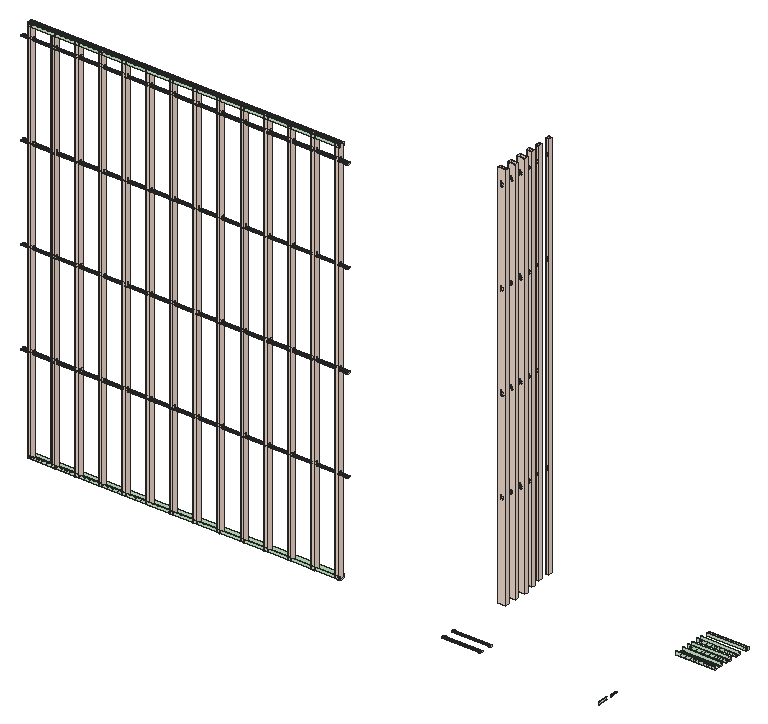
Revit family "SQ-PowerBar.", category 一般モデル, Revit 2020
Family settings
  鉄筋をホスト可能 = いいえ
  丸型コネクタ寸法 = 直径を使用
  パーツ タイプ = 標準
  作業面ベース = いいえ
  常に垂直 = はい
  ロード時にボイドで切り取り = いいえ
  共有 = いいえ
  部屋計算ポイント = いいえ
Parameters
  製造元 = "株式会社桐井製作所"
  既定の高さ = 0 mm
  URL = "https://www.kirii.co.jp/"
  K_名称 = "SQ-PowerBar工法"
  K_バージョン情報 = "20250901"
Reference planes
  plane 1 "中心(正面/背面)": y = 0
  plane 2: z = 0
  plane 3 "中心(左/右)": x = 0
Lines and regions (mm)
  model lines
    curve 1: line (2053.885, 1766.972, 3.706) -> (3803.885, 1766.972, 3.706)
    curve 2: line (2053.885, 1766.972, 0) -> (2053.885, 442.323, 0)
    curve 3: line (3803.885, 1766.972, 0) -> (3803.885, 442.323, 0)
    curve 4: line (4103.885, 1766.972, 0) -> (4103.885, 442.323, 0)
    curve 5: line (4103.885, 442.323, 3.706) -> (5853.885, 442.323, 3.706)
    curve 6: line (5853.885, 1766.972, 0) -> (5853.885, 406.972, 0)
    curve 7: line (4103.885, 1766.972, 3.706) -> (5853.885, 1766.972, 3.706)
    curve 8: line (2053.885, 442.323, 3.706) -> (3803.885, 442.323, 3.706)
    curve 9: line (2053.885, 242.323, 3.706) -> (3803.885, 242.323, 3.706)
    curve 10: line (2053.885, 242.323, 0) -> (2053.885, -1037.677, 0)
    curve 11: line (2053.885, -1037.677, 3.706) -> (3803.885, -1037.677, 3.706)
    curve 12: line (3803.885, 242.323, 0) -> (3803.885, -1037.677, 0)
    curve 13: line (4103.885, 242.323, 3.706) -> (5853.885, 242.323, 3.706)
    curve 14: line (4103.885, 242.323, 0) -> (4103.885, -1037.677, 0)
    curve 15: line (4103.885, -1037.677, 3.706) -> (5853.885, -1037.677, 3.706)
    curve 16: line (5853.885, 242.323, 0) -> (5853.885, -1037.677, 0)
Text (mm)
  text "JIS19型" at (-1841.604, 2062.91, 5447.439), in view "ビュー 1"
  text "スタッド" at (2194.065, 1638.272, -53.41), in view "{3D}"
  text "・SQ-PowerBar4045" at (2294.392, 1425.581, -53.41), in view "{3D}"
  text "・SQ-PowerBar4565" at (2294.392, 1113.599, -53.41), in view "{3D}"
  text "・SQ-PowerBar45100(t0.45)" at (2294.392, 963.599, -53.41), in view "{3D}"
  text "・SQ-PowerBar45100(t1.0)" at (2294.392, 815.581, -53.41), in view "{3D}"
  text "・SQ-PowerBar45100(t1.2)" at (2294.392, 663.599, -53.41), in view "{3D}"
  text "ランナー" at (4244.065, 1638.272, -53.41), in view "{3D}"
  text "SQ-PowerBar工法" at (-2610.049, 1856.504, -53.41), in view "{3D}"
  text "・45ランナー" at (4344.392, 1433.41, -53.41), in view "{3D}"
  text "・50ランナー" at (4344.392, 1281.428, -53.41), in view "{3D}"
  text "・65ランナー" at (4344.392, 1131.428, -53.41), in view "{3D}"
  text "・100ランナー" at (4344.392, 981.428, -53.41), in view "{3D}"
  text "振れ止め" at (2194.065, 113.623, -53.41), in view "{3D}"
  text "・SQチャンネル(C-19)" at (2294.392, -99.068, -53.41), in view "{3D}"
  text "・SQチャンネル(C-38)" at (2294.392, -251.05, -53.41), in view "{3D}"
  text "その他SQ関連部材" at (4244.065, 113.623, -53.41), in view "{3D}"
  text "・SQ-C19ジョイント" at (4344.392, -99.068, -53.41), in view "{3D}"
  text "・SQ-C38ジョイント" at (4344.392, -249.068, -53.41), in view "{3D}"
  text "振れ止めの設置により壁下地材の一体性を向上させた角型鋼製下地工法です。" at (-2610.049, 1706.504, -53.41), in view "{3D}"
  text "・SQ-PowerBar4050" at (2294.392, 1265.581, -53.41), in view "{3D}"
Dimensions and locks
  aligned and locked: level to plane 2
Nested families
  nested 1: "runner_wr65" at (-2546.115, 0, 0), type "runner_wr65"
    with K_長さ(mm) 4000 mm, K_JIS外 no, K_JIS yes
  nested 2: "SQ-PowerBar4050" at (2998.822, 1223.972, 0), type "SQ-PowerBar4050"
    with 振れ止め本数 4, K_長さ(mm) 5000 mm
  nested 3: "SQ-PowerBar4565" at (3012.041, 1076.599, 0), type "SQ-PowerBar4565"
    with 振れ止め本数 4, K_長さ(mm) 5000 mm
  nested 4: "SQ-PowerBar45100(t0.45) " at (3029.01, 924.153, 0), type "SQ-PowerBar45100(t0.45) "
    with 振れ止め本数 4, K_長さ(mm) 5000 mm
  nested 5: "SQ-PowerBar45100(t1.0)" at (3029.01, 774.46, 0), type "SQ-PowerBar45100(t1.0)"
    with 振れ止め本数 4, K_長さ(mm) 5000 mm
  nested 6: "SQ-PowerBar45100(t1.2)" at (3029.01, 624.285, 0), type "SQ-PowerBar45100(t1.2)"
    with 振れ止め本数 4, K_長さ(mm) 5000 mm
  nested 7: "runner_wr50" at (5032.945, 1250.166, 0), type "runner_wr50"
    with K_長さ(mm) 500 mm, K_JIS外 no, K_JIS yes
  nested 8: "runner_wr65" at (5032.945, 1100.166, 0), type "runner_wr65"
    with K_長さ(mm) 500 mm, K_JIS外 no, K_JIS yes
  nested 9: "runner_wr100" at (5032.945, 936.666, 0), type "runner_wr100"
    with K_長さ(mm) 500 mm, K_JIS外 no, K_JIS yes
  nested 10: "sqrunner_45" at (5032.945, 1394.801, 0), type "sqrunner_45"
    with K_長さ(mm) 500 mm
  nested 11: "SQ-C19ジョイント" at (5053.885, -137.677, 0), type "SQ-C19ジョイント"
  nested 12: "SQチャンネル（C-19）" at (3488.885, -142.677, 0) x (0, 1, 0) z (0, 0, 1), type "SQチャンネル（C-19）"
    with K_長さ(mm) 500 mm
  nested 13: "SQチャンネル（C-38）" at (3488.885, -293.927, 0) x (0, 1, 0) z (0, 0, 1), type "SQチャンネル（C-38）"
    with K_長さ(mm) 500 mm
  nested 14: "SQ-C38ジョイント" at (5053.885, -312.677, 0), type "SQ-C38ジョイント"
  nested 15: "runner_wr65" at (-2546.115, -0.01, 5001.425) x (1, 0, 0) z (0, 0, -1), type "runner_wr65"
    with K_長さ(mm) 4000 mm, K_JIS外 no, K_JIS yes
  nested 16: "SQ-PowerBar4565" at (-2523.615, -0.113, 0) x (0, -1, 0) z (0, 0, 1), type "SQ-PowerBar4565"
    with 振れ止め本数 4, K_長さ(mm) 5000 mm
  nested 17: "SQ-PowerBar4565" at (-2220.615, -0.113, 0) x (0, -1, 0) z (0, 0, 1), type "SQ-PowerBar4565"
    with 振れ止め本数 4, K_長さ(mm) 5000 mm
  nested 18: "SQ-PowerBar4565" at (-1917.615, -0.113, 0) x (0, -1, 0) z (0, 0, 1), type "SQ-PowerBar4565"
    with 振れ止め本数 4, K_長さ(mm) 5000 mm
  nested 19: "SQ-PowerBar4565" at (-1614.615, -0.113, 0) x (0, -1, 0) z (0, 0, 1), type "SQ-PowerBar4565"
    with 振れ止め本数 4, K_長さ(mm) 5000 mm
  nested 20: "SQ-PowerBar4565" at (-1311.615, -0.113, 0) x (0, -1, 0) z (0, 0, 1), type "SQ-PowerBar4565"
    with 振れ止め本数 4, K_長さ(mm) 5000 mm
  nested 21: "SQ-PowerBar4565" at (-1008.615, -0.113, 0) x (0, -1, 0) z (0, 0, 1), type "SQ-PowerBar4565"
    with 振れ止め本数 4, K_長さ(mm) 5000 mm
  nested 22: "SQ-PowerBar4565" at (-705.615, -0.113, 0) x (0, -1, 0) z (0, 0, 1), type "SQ-PowerBar4565"
    with 振れ止め本数 4, K_長さ(mm) 5000 mm
  nested 23: "SQ-PowerBar4565" at (-402.615, -0.113, 0) x (0, -1, 0) z (0, 0, 1), type "SQ-PowerBar4565"
    with 振れ止め本数 4, K_長さ(mm) 5000 mm
  nested 24: "SQ-PowerBar4565" at (-99.615, -0.113, 0) x (0, -1, 0) z (0, 0, 1), type "SQ-PowerBar4565"
    with 振れ止め本数 4, K_長さ(mm) 5000 mm
  nested 25: "SQ-PowerBar4565" at (203.385, -0.113, 0) x (0, -1, 0) z (0, 0, 1), type "SQ-PowerBar4565"
    with 振れ止め本数 4, K_長さ(mm) 5000 mm
  nested 26: "SQ-PowerBar4565" at (506.385, -0.113, 0) x (0, -1, 0) z (0, 0, 1), type "SQ-PowerBar4565"
    with 振れ止め本数 4, K_長さ(mm) 5000 mm
  nested 27: "SQ-PowerBar4565" at (809.385, -0.113, 0) x (0, -1, 0) z (0, 0, 1), type "SQ-PowerBar4565"
    with 振れ止め本数 4, K_長さ(mm) 5000 mm
  nested 28: "SQ-PowerBar4565" at (1112.385, -0.113, 0) x (0, -1, 0) z (0, 0, 1), type "SQ-PowerBar4565"
    with 振れ止め本数 4, K_長さ(mm) 5000 mm
  nested 29: "SQ-PowerBar4565" at (1415.385, -0.113, 0) x (0, -1, 0) z (0, 0, 1), type "SQ-PowerBar4565"
    with 振れ止め本数 4, K_長さ(mm) 5000 mm
  nested 30: "SQチャンネル（C-38）" at (1548.902, -0.109, 1212) x (0, -1, 0) z (0, 0, -1), type "SQチャンネル（C-38）"
    with K_長さ(mm) 4200 mm
  nested 31: "SQチャンネル（C-38）" at (1548.902, -0.109, 2412) x (0, -1, 0) z (0, 0, -1), type "SQチャンネル（C-38）"
    with K_長さ(mm) 4200 mm
  nested 32: "SQチャンネル（C-38）" at (1548.902, -0.109, 3612) x (0, -1, 0) z (0, 0, -1), type "SQチャンネル（C-38）"
    with K_長さ(mm) 4200 mm
  nested 33: "SQチャンネル（C-38）" at (1548.902, -0.109, 4812) x (0, -1, 0) z (0, 0, -1), type "SQチャンネル（C-38）"
    with K_長さ(mm) 4200 mm
  nested 34: "SQ-PowerBar4045" at (2998.822, 1388.962, 0), type "SQ-PowerBar4045"
    with 振れ止め本数 4, K_長さ(mm) 5000 mm
Definition of nested family "runner_wr65"
  Parameters (values of type "runner_wr65")
    Manufacturer = "株式会社桐井製作所"
    Default Elevation = 0 mm
    URL = "https://www.kirii.co.jp/"
    K_長さ(mm) [instance] = 4000 mm
    K_材質 = "SGCCまたはSGHC　一般用"
    K_断面積A(mm2) = 115.5
    K_断面係数Zy(mm3) = 2624
    K_断面係数Zx(mm3) = 678.4
    K_断面2次半径iy(mm) = 27.6
    K_断面2次半径ix(mm) = 13
    K_断面2次モーメントIy(mm4) = 87930
    K_断面2次モーメントIx(mm4) = 19500
    K_外形寸法(mm) = "67×40×0.8"
    K_品名 = "WR-65"
    K_名称 = "ランナー"
    K_単位質量(kg/m) = 0.933
    K_ヤング係数E(N/mm2) = 205000
    K_バージョン情報 = "20210524"
    K_めっき付着量 = "Z12"
    K_JIS規格 = "JIS G 3302"
    K_JIS外 [instance] = not(K_JIS)  # no
    K_JIS [instance] = yes
  Reference planes
    plane 1 "中心(正面/背面)": y = 0
    plane 2: z = 0
    plane 3 "中心(左/右)": x = 0
    plane 4: x = 4000
    plane 5: y = -33.5
    plane 6: y = 33.5
    plane 7: y = 33.5
    plane 8: y = -33.5
    plane 9: z = 40
  Forms (mm)
    Extrusion 1, solid
      sketch origin (0, 0, 0) x (0, 1, 0) y (0, 0, 1)
        loop
          line (13.491, 0) -> (14.31, 0.819) -> (22.71, 0.819) -> (23.529, 0) -> (33.5, 0) -> (33.5, 40) -> (32.7, 40) -> (32.7, 0.8) -> (23.86, 0.8) -> (23.041, 1.619) -> (13.979, 1.619) -> (13.159, 0.8) -> (-13.179, 0.8) -> (-13.979, 1.6) -> (-23.041, 1.6) -> (-23.841, 0.8) -> (-32.7, 0.8) -> (-32.7, 40) -> (-33.5, 40) -> (-33.5, 0) -> (-23.51, 0) -> (-22.71, 0.8) -> (-14.31, 0.8) -> (-13.51, 0) -> (13.491, 0)
      from 0 to 4000
  Dimensions and locks
    "K_長さ(mm)": plane 3 "中心(左/右)" to plane 4
    aligned and locked: level to plane 2
    aligned and locked: plane 4 to Extrusion 1
    aligned and locked: Extrusion 1 sketch curve to plane 6
    aligned and locked: plane 5 to Extrusion 1 sketch curve
    aligned and locked: Extrusion 1 to plane 4
  Automatic sketch dimensions
    Extrusion 1 sketch curve to level = 0 mm  (x3)
    Extrusion 1 sketch curve to Extrusion 1 sketch curve = 0.8 mm  (x5)
    level to Extrusion 1 sketch curve = 0.8 mm  (x4)
    Extrusion 1 sketch curve to Extrusion 1 sketch curve = 8.859 mm
    Extrusion 1 sketch curve to Extrusion 1 sketch curve = 0.331 mm  (x8)
    Extrusion 1 sketch curve to Extrusion 1 sketch curve = 8.4 mm  (x2)
    level to Extrusion 1 sketch curve = 1.6 mm
    Extrusion 1 sketch curve to plane 1 "中心(正面/背面)" = 13.159 mm
    Extrusion 1 sketch curve to Extrusion 1 sketch curve = 0.819 mm  (x2)
    level to Extrusion 1 sketch curve = 0.819 mm
    Extrusion 1 sketch curve to Extrusion 1 sketch curve = 39.2 mm  (x2)
Definition of nested family "SQ-PowerBar4050"
  Parameters (values of type "SQ-PowerBar4050")
    Manufacturer = "株式会社桐井製作所"
    Default Elevation = 0 mm
    振れ止め本数 [instance] = roundup(([K_長さ(mm)] - 1200 mm) * 1 / 振れ止めピッチ) * 1  # 4
    振れ止めピッチ = 1200 mm  # constant formula
    URL = "https://www.kirii.co.jp/"
    K_長さ(mm) [instance] = 5000 mm
    K_外形寸法(mm) = "40×50×0.45"
    K_品名 = "SQ-PowerBar4050"
    K_名称 = "スタッド"
    K_バージョン情報 = "20210714"
  Reference planes
    plane 1 "中心(正面/背面)": y = 0
    plane 2: z = 0
    plane 3 "中心(左/右)": x = 0
    plane 4: x = 20
    plane 5: x = -20
    plane 6: y = 24.99
    plane 7: z = 5000
    plane 8: y = -25.01
    plane 9: z = 1200
  Forms (mm)
    Extrusion 1, solid
      sketch origin (0.5, -20, 0) x (1, 0, 0) y (0, 1, 0)
        loop
          line (-20.5, 44.99) -> (-20.5, -5.01) -> (19.5, -5.01) -> (19.5, 44.99) -> (-20.5, 44.99)
        loop
          line (-20.05, 44.54) -> (-20.05, -4.56) -> (19.05, -4.56) -> (19.05, 44.54) -> (-20.05, 44.54)
      from 0 to 5000
    Extrusion 2, void
      sketch origin (0, 0, -2.498) x (1, 0, 0) y (0, 0, 1)
        loop
          line (9.5, 1214.5) -> (10.689, 1225.606)
          arc (10.689, 1225.606) -> (9.707, 1231.368) -> (5.855, 1235.765) r 10.75
          arc (5.855, 1235.765) -> (5.521, 1236.127) -> (5.4, 1236.604) r 1
          line (5.4, 1236.604) -> (5.4, 1238.5)
          arc (5.4, 1238.5) -> (5.107, 1239.207) -> (4.4, 1239.5) r 1
          line (4.4, 1239.5) -> (-4.4, 1239.5)
          arc (-4.4, 1239.5) -> (-5.107, 1239.207) -> (-5.4, 1238.5) r 1
          line (-5.4, 1238.5) -> (-5.4, 1236.604)
          arc (-5.4, 1236.604) -> (-5.521, 1236.127) -> (-5.855, 1235.765) r 1
          arc (-5.855, 1235.765) -> (-9.707, 1231.368) -> (-10.689, 1225.606) r 10.75
          line (-10.689, 1225.606) -> (-9.5, 1214.5) -> (-9.5, 1211.956) -> (-8.421, 1209.153)
          arc (-8.421, 1209.153) -> (-8.3, 1208.52) -> (-8.407, 1207.885) r 1.817
          line (-8.407, 1207.885) -> (-9.501, 1204.847) -> (-9.501, 1203.499)
          arc (-9.501, 1203.499) -> (-9.208, 1202.791) -> (-8.5, 1202.498) r 1.001
          line (-8.5, 1202.498) -> (-6.417, 1202.498)
          arc (-6.417, 1202.498) -> (-5.841, 1202.309) -> (-5.486, 1201.818) r 0.978
          line (-5.486, 1201.818) -> (-5.359, 1201.002)
          arc (-5.359, 1201.002) -> (-5.072, 1200.31) -> (-4.379, 1200.023) r 0.979
          line (-4.379, 1200.023) -> (4.379, 1200.023)
          arc (4.379, 1200.023) -> (5.072, 1200.31) -> (5.359, 1201.002) r 0.979
          line (5.359, 1201.002) -> (5.486, 1201.818)
          arc (5.486, 1201.818) -> (5.841, 1202.309) -> (6.417, 1202.498) r 0.978
          line (6.417, 1202.498) -> (8.5, 1202.5)
          arc (8.5, 1202.5) -> (9.207, 1202.793) -> (9.5, 1203.5) r 1
          line (9.5, 1203.5) -> (9.5, 1204.849) -> (8.407, 1207.885)
          arc (8.407, 1207.885) -> (8.3, 1208.52) -> (8.421, 1209.153) r 1.817
          line (8.421, 1209.153) -> (9.5, 1211.956) -> (9.5, 1214.5)
      from -24.99 to -23.622
    Extrusion 3, void
      sketch origin (0, 0, 0) x (1, 0, 0) y (0, 0, 1)
        loop
          line (-4.774, 1234.724) -> (-4.8, 1233.869)
          arc (-4.8, 1233.869) -> (-9.43, 1229.41) -> (-10.689, 1223.106) r 10.75
          line (-10.689, 1223.106) -> (-9.5, 1212.003) -> (-9.5, 1209.457) -> (-9.5, 1200.952)
          arc (-9.5, 1200.952) -> (-9.19, 1200.276) -> (-8.5, 1200) r 1.001
          line (-8.5, 1200) -> (-4.8, 1200)
          arc (-4.8, 1200) -> (-4.507, 1199.293) -> (-3.8, 1199) r 1
          line (-3.8, 1199) -> (3.8, 1199)
          arc (3.8, 1199) -> (4.507, 1199.293) -> (4.8, 1200) r 1
          line (4.8, 1200) -> (8.5, 1200.002)
          arc (8.5, 1200.002) -> (9.207, 1200.295) -> (9.5, 1201) r 1
          line (9.5, 1201) -> (9.5, 1210) -> (9.5, 1212) -> (10.689, 1223.106)
          arc (10.689, 1223.106) -> (9.431, 1229.41) -> (4.8, 1233.869) r 10.75
          line (4.8, 1233.869) -> (4.774, 1234.724)
          arc (4.774, 1234.724) -> (4.423, 1235.282) -> (3.8, 1235.5) r 1
          line (3.8, 1235.5) -> (-3.8, 1235.5)
          arc (-3.8, 1235.5) -> (-4.423, 1235.282) -> (-4.774, 1234.724) r 1
      from 23.953 to 25.01
    Extrusion 4, void
      sketch origin (0, 0, 1200) x (1, 0, 0) y (0, 0, 1)
        loop
          line (-4.774, 1234.724) -> (-4.8, 1233.869)
          arc (-4.8, 1233.869) -> (-9.43, 1229.41) -> (-10.689, 1223.106) r 10.75
          line (-10.689, 1223.106) -> (-9.5, 1212.003) -> (-9.5, 1209.457) -> (-9.5, 1200.952)
          arc (-9.5, 1200.952) -> (-9.19, 1200.276) -> (-8.5, 1200) r 1.001
          line (-8.5, 1200) -> (-4.8, 1200)
          arc (-4.8, 1200) -> (-4.507, 1199.293) -> (-3.8, 1199) r 1
          line (-3.8, 1199) -> (3.8, 1199)
          arc (3.8, 1199) -> (4.507, 1199.293) -> (4.8, 1200) r 1
          line (4.8, 1200) -> (8.5, 1200.002)
          arc (8.5, 1200.002) -> (9.207, 1200.295) -> (9.5, 1201) r 1
          line (9.5, 1201) -> (9.5, 1210) -> (9.5, 1212) -> (10.689, 1223.106)
          arc (10.689, 1223.106) -> (9.431, 1229.41) -> (4.8, 1233.869) r 10.75
          line (4.8, 1233.869) -> (4.774, 1234.724)
          arc (4.774, 1234.724) -> (4.423, 1235.282) -> (3.8, 1235.5) r 1
          line (3.8, 1235.5) -> (-3.8, 1235.5)
          arc (-3.8, 1235.5) -> (-4.423, 1235.282) -> (-4.774, 1234.724) r 1
      from 23.953 to 25.01
    Extrusion 5, void
      sketch origin (0, 0, 2400) x (1, 0, 0) y (0, 0, 1)
        loop
          line (-4.774, 1234.724) -> (-4.8, 1233.869)
          arc (-4.8, 1233.869) -> (-9.43, 1229.41) -> (-10.689, 1223.106) r 10.75
          line (-10.689, 1223.106) -> (-9.5, 1212.003) -> (-9.5, 1209.457) -> (-9.5, 1200.952)
          arc (-9.5, 1200.952) -> (-9.19, 1200.276) -> (-8.5, 1200) r 1.001
          line (-8.5, 1200) -> (-4.8, 1200)
          arc (-4.8, 1200) -> (-4.507, 1199.293) -> (-3.8, 1199) r 1
          line (-3.8, 1199) -> (3.8, 1199)
          arc (3.8, 1199) -> (4.507, 1199.293) -> (4.8, 1200) r 1
          line (4.8, 1200) -> (8.5, 1200.002)
          arc (8.5, 1200.002) -> (9.207, 1200.295) -> (9.5, 1201) r 1
          line (9.5, 1201) -> (9.5, 1210) -> (9.5, 1212) -> (10.689, 1223.106)
          arc (10.689, 1223.106) -> (9.431, 1229.41) -> (4.8, 1233.869) r 10.75
          line (4.8, 1233.869) -> (4.774, 1234.724)
          arc (4.774, 1234.724) -> (4.423, 1235.282) -> (3.8, 1235.5) r 1
          line (3.8, 1235.5) -> (-3.8, 1235.5)
          arc (-3.8, 1235.5) -> (-4.423, 1235.282) -> (-4.774, 1234.724) r 1
      from 23.953 to 25.01
    Extrusion 6, void
      sketch origin (0, 0, 3600) x (1, 0, 0) y (0, 0, 1)
        loop
          line (-4.774, 1234.724) -> (-4.8, 1233.869)
          arc (-4.8, 1233.869) -> (-9.43, 1229.41) -> (-10.689, 1223.106) r 10.75
          line (-10.689, 1223.106) -> (-9.5, 1212.003) -> (-9.5, 1209.457) -> (-9.5, 1200.952)
          arc (-9.5, 1200.952) -> (-9.19, 1200.276) -> (-8.5, 1200) r 1.001
          line (-8.5, 1200) -> (-4.8, 1200)
          arc (-4.8, 1200) -> (-4.507, 1199.293) -> (-3.8, 1199) r 1
          line (-3.8, 1199) -> (3.8, 1199)
          arc (3.8, 1199) -> (4.507, 1199.293) -> (4.8, 1200) r 1
          line (4.8, 1200) -> (8.5, 1200.002)
          arc (8.5, 1200.002) -> (9.207, 1200.295) -> (9.5, 1201) r 1
          line (9.5, 1201) -> (9.5, 1210) -> (9.5, 1212) -> (10.689, 1223.106)
          arc (10.689, 1223.106) -> (9.431, 1229.41) -> (4.8, 1233.869) r 10.75
          line (4.8, 1233.869) -> (4.774, 1234.724)
          arc (4.774, 1234.724) -> (4.423, 1235.282) -> (3.8, 1235.5) r 1
          line (3.8, 1235.5) -> (-3.8, 1235.5)
          arc (-3.8, 1235.5) -> (-4.423, 1235.282) -> (-4.774, 1234.724) r 1
      from 23.953 to 25.01
    Extrusion 7, void
      sketch origin (0, 0, 1197.502) x (1, 0, 0) y (0, 0, 1)
        loop
          line (9.5, 1214.5) -> (10.689, 1225.606)
          arc (10.689, 1225.606) -> (9.707, 1231.368) -> (5.855, 1235.765) r 10.75
          arc (5.855, 1235.765) -> (5.521, 1236.127) -> (5.4, 1236.604) r 1
          line (5.4, 1236.604) -> (5.4, 1238.5)
          arc (5.4, 1238.5) -> (5.107, 1239.207) -> (4.4, 1239.5) r 1
          line (4.4, 1239.5) -> (-4.4, 1239.5)
          arc (-4.4, 1239.5) -> (-5.107, 1239.207) -> (-5.4, 1238.5) r 1
          line (-5.4, 1238.5) -> (-5.4, 1236.604)
          arc (-5.4, 1236.604) -> (-5.521, 1236.127) -> (-5.855, 1235.765) r 1
          arc (-5.855, 1235.765) -> (-9.707, 1231.368) -> (-10.689, 1225.606) r 10.75
          line (-10.689, 1225.606) -> (-9.5, 1214.5) -> (-9.5, 1211.956) -> (-8.421, 1209.153)
          arc (-8.421, 1209.153) -> (-8.3, 1208.52) -> (-8.407, 1207.885) r 1.817
          line (-8.407, 1207.885) -> (-9.501, 1204.847) -> (-9.501, 1203.499)
          arc (-9.501, 1203.499) -> (-9.208, 1202.791) -> (-8.5, 1202.498) r 1.001
          line (-8.5, 1202.498) -> (-6.417, 1202.498)
          arc (-6.417, 1202.498) -> (-5.841, 1202.309) -> (-5.486, 1201.818) r 0.978
          line (-5.486, 1201.818) -> (-5.359, 1201.002)
          arc (-5.359, 1201.002) -> (-5.072, 1200.31) -> (-4.379, 1200.023) r 0.979
          line (-4.379, 1200.023) -> (4.379, 1200.023)
          arc (4.379, 1200.023) -> (5.072, 1200.31) -> (5.359, 1201.002) r 0.979
          line (5.359, 1201.002) -> (5.486, 1201.818)
          arc (5.486, 1201.818) -> (5.841, 1202.309) -> (6.417, 1202.498) r 0.978
          line (6.417, 1202.498) -> (8.5, 1202.5)
          arc (8.5, 1202.5) -> (9.207, 1202.793) -> (9.5, 1203.5) r 1
          line (9.5, 1203.5) -> (9.5, 1204.849) -> (8.407, 1207.885)
          arc (8.407, 1207.885) -> (8.3, 1208.52) -> (8.421, 1209.153) r 1.817
          line (8.421, 1209.153) -> (9.5, 1211.956) -> (9.5, 1214.5)
      from -24.99 to -23.622
    Extrusion 8, void
      sketch origin (0, 0, 2397.502) x (1, 0, 0) y (0, 0, 1)
        loop
          line (9.5, 1214.5) -> (10.689, 1225.606)
          arc (10.689, 1225.606) -> (9.707, 1231.368) -> (5.855, 1235.765) r 10.75
          arc (5.855, 1235.765) -> (5.521, 1236.127) -> (5.4, 1236.604) r 1
          line (5.4, 1236.604) -> (5.4, 1238.5)
          arc (5.4, 1238.5) -> (5.107, 1239.207) -> (4.4, 1239.5) r 1
          line (4.4, 1239.5) -> (-4.4, 1239.5)
          arc (-4.4, 1239.5) -> (-5.107, 1239.207) -> (-5.4, 1238.5) r 1
          line (-5.4, 1238.5) -> (-5.4, 1236.604)
          arc (-5.4, 1236.604) -> (-5.521, 1236.127) -> (-5.855, 1235.765) r 1
          arc (-5.855, 1235.765) -> (-9.707, 1231.368) -> (-10.689, 1225.606) r 10.75
          line (-10.689, 1225.606) -> (-9.5, 1214.5) -> (-9.5, 1211.956) -> (-8.421, 1209.153)
          arc (-8.421, 1209.153) -> (-8.3, 1208.52) -> (-8.407, 1207.885) r 1.817
          line (-8.407, 1207.885) -> (-9.501, 1204.847) -> (-9.501, 1203.499)
          arc (-9.501, 1203.499) -> (-9.208, 1202.791) -> (-8.5, 1202.498) r 1.001
          line (-8.5, 1202.498) -> (-6.417, 1202.498)
          arc (-6.417, 1202.498) -> (-5.841, 1202.309) -> (-5.486, 1201.818) r 0.978
          line (-5.486, 1201.818) -> (-5.359, 1201.002)
          arc (-5.359, 1201.002) -> (-5.072, 1200.31) -> (-4.379, 1200.023) r 0.979
          line (-4.379, 1200.023) -> (4.379, 1200.023)
          arc (4.379, 1200.023) -> (5.072, 1200.31) -> (5.359, 1201.002) r 0.979
          line (5.359, 1201.002) -> (5.486, 1201.818)
          arc (5.486, 1201.818) -> (5.841, 1202.309) -> (6.417, 1202.498) r 0.978
          line (6.417, 1202.498) -> (8.5, 1202.5)
          arc (8.5, 1202.5) -> (9.207, 1202.793) -> (9.5, 1203.5) r 1
          line (9.5, 1203.5) -> (9.5, 1204.849) -> (8.407, 1207.885)
          arc (8.407, 1207.885) -> (8.3, 1208.52) -> (8.421, 1209.153) r 1.817
          line (8.421, 1209.153) -> (9.5, 1211.956) -> (9.5, 1214.5)
      from -24.99 to -23.622
    Extrusion 9, void
      sketch origin (0, 0, 3597.502) x (1, 0, 0) y (0, 0, 1)
        loop
          line (9.5, 1214.5) -> (10.689, 1225.606)
          arc (10.689, 1225.606) -> (9.707, 1231.368) -> (5.855, 1235.765) r 10.75
          arc (5.855, 1235.765) -> (5.521, 1236.127) -> (5.4, 1236.604) r 1
          line (5.4, 1236.604) -> (5.4, 1238.5)
          arc (5.4, 1238.5) -> (5.107, 1239.207) -> (4.4, 1239.5) r 1
          line (4.4, 1239.5) -> (-4.4, 1239.5)
          arc (-4.4, 1239.5) -> (-5.107, 1239.207) -> (-5.4, 1238.5) r 1
          line (-5.4, 1238.5) -> (-5.4, 1236.604)
          arc (-5.4, 1236.604) -> (-5.521, 1236.127) -> (-5.855, 1235.765) r 1
          arc (-5.855, 1235.765) -> (-9.707, 1231.368) -> (-10.689, 1225.606) r 10.75
          line (-10.689, 1225.606) -> (-9.5, 1214.5) -> (-9.5, 1211.956) -> (-8.421, 1209.153)
          arc (-8.421, 1209.153) -> (-8.3, 1208.52) -> (-8.407, 1207.885) r 1.817
          line (-8.407, 1207.885) -> (-9.501, 1204.847) -> (-9.501, 1203.499)
          arc (-9.501, 1203.499) -> (-9.208, 1202.791) -> (-8.5, 1202.498) r 1.001
          line (-8.5, 1202.498) -> (-6.417, 1202.498)
          arc (-6.417, 1202.498) -> (-5.841, 1202.309) -> (-5.486, 1201.818) r 0.978
          line (-5.486, 1201.818) -> (-5.359, 1201.002)
          arc (-5.359, 1201.002) -> (-5.072, 1200.31) -> (-4.379, 1200.023) r 0.979
          line (-4.379, 1200.023) -> (4.379, 1200.023)
          arc (4.379, 1200.023) -> (5.072, 1200.31) -> (5.359, 1201.002) r 0.979
          line (5.359, 1201.002) -> (5.486, 1201.818)
          arc (5.486, 1201.818) -> (5.841, 1202.309) -> (6.417, 1202.498) r 0.978
          line (6.417, 1202.498) -> (8.5, 1202.5)
          arc (8.5, 1202.5) -> (9.207, 1202.793) -> (9.5, 1203.5) r 1
          line (9.5, 1203.5) -> (9.5, 1204.849) -> (8.407, 1207.885)
          arc (8.407, 1207.885) -> (8.3, 1208.52) -> (8.421, 1209.153) r 1.817
          line (8.421, 1209.153) -> (9.5, 1211.956) -> (9.5, 1214.5)
      from -24.99 to -23.622
  Cuts and joins
    Extrusion 2, Extrusion 3, Extrusion 4, Extrusion 5, Extrusion 6, Extrusion 7, Extrusion 8, Extrusion 9 cuts Extrusion 1
  Dimensions and locks
    "K_長さ(mm)": plane 7 to level
    equal spacing: group 1, group 2, group 3, group 4  (x3)
    "振れ止めピッチ": plane 2 to plane 9
    equal spacing: group 5, group 6, group 7, group 8  (x3)
    aligned and locked: level to plane 2
    aligned and locked: plane 7 to Extrusion 1
    aligned and locked: plane 9 to cut or joined group 1 (Extrusion 1, Extrusion 2, Extrusion 3, Extrusion 4, Extrusion 5, Extrusion 6, Extrusion 7, Extrusion 8, Extrusion 9)
    aligned and locked: cut or joined group 1 to plane 9
  Automatic sketch dimensions
    Extrusion 2 sketch curve to Extrusion 2 sketch curve = 1.188 mm
    Extrusion 2 sketch curve to Extrusion 2 sketch curve = 0.001 mm
    Extrusion 2 sketch curve to Extrusion 2 sketch curve = 1.001 mm
    Extrusion 2 sketch curve to Extrusion 2 sketch curve = 2.082 mm
    Extrusion 2 sketch curve to Extrusion 2 sketch curve = 4.289 mm
    Extrusion 2 sketch curve to Extrusion 2 sketch curve = 0.931 mm  (x2)
    Extrusion 2 sketch curve to Extrusion 2 sketch curve = 1 mm  (x6)
    Extrusion 2 sketch curve to Extrusion 2 sketch curve = 0.127 mm  (x2)
    Extrusion 2 sketch curve to Extrusion 2 sketch curve = 0.979 mm
    Extrusion 2 sketch curve to Extrusion 2 sketch curve = 10.689 mm  (x2)
    Extrusion 2 sketch curve to Extrusion 2 sketch curve = 8.759 mm
    Extrusion 2 sketch curve to Extrusion 2 sketch curve = 8.8 mm
    Extrusion 2 sketch curve to Extrusion 2 sketch curve = 2.083 mm
    Extrusion 2 sketch curve to Extrusion 2 sketch curve = 0 mm  (x5)
    Extrusion 2 sketch curve to Extrusion 2 sketch curve = 0.518 mm  (x2)
    Extrusion 2 sketch curve to Extrusion 2 sketch curve = 0.816 mm  (x2)
    Extrusion 2 sketch curve to Extrusion 2 sketch curve = 0.002 mm
    Extrusion 2 sketch curve to Extrusion 2 sketch curve = 8.457 mm
    Extrusion 2 sketch curve to Extrusion 2 sketch curve = 8.456 mm
    Extrusion 2 sketch curve to Extrusion 2 sketch curve = 2.544 mm  (x2)
    Extrusion 2 sketch curve to Extrusion 2 sketch curve = 11.106 mm  (x2)
    Extrusion 2 sketch curve to Extrusion 2 sketch curve = 1.144 mm
    Extrusion 2 sketch curve to Extrusion 2 sketch curve = 9.854 mm  (x2)
    Extrusion 2 sketch curve to Extrusion 2 sketch curve = 1.896 mm
    Extrusion 2 sketch curve to Extrusion 2 sketch curve = 1.079 mm
    Extrusion 2 sketch curve to Extrusion 2 sketch curve = 0.014 mm  (x2)
    Extrusion 2 sketch curve to Extrusion 2 sketch curve = 0.017 mm
    Extrusion 2 sketch curve to Extrusion 2 sketch curve = 1.093 mm
    Extrusion 2 sketch curve to Extrusion 2 sketch curve = 1.348 mm
    Extrusion 2 sketch curve to Extrusion 2 sketch curve = 1.349 mm
    Extrusion 2 sketch curve to Extrusion 2 sketch curve = 3.036 mm
    Extrusion 2 sketch curve to Extrusion 2 sketch curve = 3.038 mm
    Extrusion 2 sketch curve to Extrusion 2 sketch curve = 1.268 mm  (x2)
    Extrusion 2 sketch curve to Extrusion 2 sketch curve = 1.695 mm
    Extrusion 2 sketch curve to Extrusion 2 sketch curve = 1.709 mm
    Extrusion 3 sketch curve to Extrusion 3 sketch curve = 0 mm  (x7)
    Extrusion 3 sketch curve to Extrusion 3 sketch curve = 1 mm  (x4)
    Extrusion 3 sketch curve to Extrusion 3 sketch curve = 3.7 mm  (x2)
    Extrusion 3 sketch curve to Extrusion 3 sketch curve = 0.025 mm  (x2)
    Extrusion 3 sketch curve to Extrusion 3 sketch curve = 0.975 mm  (x2)
    Extrusion 3 sketch curve to Extrusion 3 sketch curve = 8.998 mm
    Extrusion 3 sketch curve to Extrusion 3 sketch curve = 2 mm
    Extrusion 3 sketch curve to Extrusion 3 sketch curve = 11.002 mm
    Extrusion 3 sketch curve to Extrusion 3 sketch curve = 11.102 mm
    Extrusion 3 sketch curve to Extrusion 3 sketch curve = 11.106 mm
    Extrusion 3 sketch curve to Extrusion 3 sketch curve = 1.144 mm
    Extrusion 3 sketch curve to Extrusion 3 sketch curve = 0.631 mm  (x2)
    Extrusion 3 sketch curve to Extrusion 3 sketch curve = 0.855 mm
    Extrusion 3 sketch curve to Extrusion 3 sketch curve = 0.002 mm
    Extrusion 3 sketch curve to Extrusion 3 sketch curve = 2.546 mm
    Extrusion 3 sketch curve to Extrusion 3 sketch curve = 0.001 mm
    Extrusion 3 sketch curve to Extrusion 3 sketch curve = 1.189 mm
    Extrusion 3 sketch curve to Extrusion 3 sketch curve = 5.889 mm
    Extrusion 3 sketch curve to Extrusion 3 sketch curve = 10.689 mm  (x2)
    Extrusion 3 sketch curve to Extrusion 3 sketch curve = 7.599 mm
    Extrusion 3 sketch curve to Extrusion 3 sketch curve = 7.6 mm
    Extrusion 3 sketch curve to Extrusion 3 sketch curve = 0.952 mm
    Extrusion 3 sketch curve to Extrusion 3 sketch curve = 1.002 mm
    Extrusion 4 sketch curve to Extrusion 4 sketch curve = 0 mm  (x7)
    Extrusion 4 sketch curve to Extrusion 4 sketch curve = 1 mm  (x4)
    Extrusion 4 sketch curve to Extrusion 4 sketch curve = 3.7 mm  (x2)
    Extrusion 4 sketch curve to Extrusion 4 sketch curve = 0.025 mm  (x2)
    Extrusion 4 sketch curve to Extrusion 4 sketch curve = 0.975 mm  (x2)
    Extrusion 4 sketch curve to Extrusion 4 sketch curve = 8.998 mm
    Extrusion 4 sketch curve to Extrusion 4 sketch curve = 2 mm
    Extrusion 4 sketch curve to Extrusion 4 sketch curve = 11.002 mm
    Extrusion 4 sketch curve to Extrusion 4 sketch curve = 11.102 mm
    Extrusion 4 sketch curve to Extrusion 4 sketch curve = 11.106 mm
    Extrusion 4 sketch curve to Extrusion 4 sketch curve = 1.144 mm
    Extrusion 4 sketch curve to Extrusion 4 sketch curve = 0.631 mm  (x2)
    Extrusion 4 sketch curve to Extrusion 4 sketch curve = 0.855 mm
    Extrusion 4 sketch curve to Extrusion 4 sketch curve = 0.002 mm
    Extrusion 4 sketch curve to Extrusion 4 sketch curve = 2.546 mm
    Extrusion 4 sketch curve to Extrusion 4 sketch curve = 0.001 mm
    Extrusion 4 sketch curve to Extrusion 4 sketch curve = 1.189 mm
    Extrusion 4 sketch curve to Extrusion 4 sketch curve = 5.889 mm
    Extrusion 4 sketch curve to Extrusion 4 sketch curve = 10.689 mm  (x2)
    Extrusion 4 sketch curve to Extrusion 4 sketch curve = 7.599 mm
    Extrusion 4 sketch curve to Extrusion 4 sketch curve = 7.6 mm
    Extrusion 4 sketch curve to Extrusion 4 sketch curve = 0.952 mm
    Extrusion 4 sketch curve to Extrusion 4 sketch curve = 1.002 mm
    Extrusion 5 sketch curve to Extrusion 5 sketch curve = 0 mm  (x7)
    Extrusion 5 sketch curve to Extrusion 5 sketch curve = 1 mm  (x4)
    Extrusion 5 sketch curve to Extrusion 5 sketch curve = 3.7 mm  (x2)
    Extrusion 5 sketch curve to Extrusion 5 sketch curve = 0.025 mm  (x2)
    Extrusion 5 sketch curve to Extrusion 5 sketch curve = 0.975 mm  (x2)
    Extrusion 5 sketch curve to Extrusion 5 sketch curve = 8.998 mm
    Extrusion 5 sketch curve to Extrusion 5 sketch curve = 2 mm
    Extrusion 5 sketch curve to Extrusion 5 sketch curve = 11.002 mm
    Extrusion 5 sketch curve to Extrusion 5 sketch curve = 11.102 mm
    Extrusion 5 sketch curve to Extrusion 5 sketch curve = 11.106 mm
    Extrusion 5 sketch curve to Extrusion 5 sketch curve = 1.144 mm
    Extrusion 5 sketch curve to Extrusion 5 sketch curve = 0.631 mm  (x2)
    Extrusion 5 sketch curve to Extrusion 5 sketch curve = 0.855 mm
    Extrusion 5 sketch curve to Extrusion 5 sketch curve = 0.002 mm
    Extrusion 5 sketch curve to Extrusion 5 sketch curve = 2.546 mm
    Extrusion 5 sketch curve to Extrusion 5 sketch curve = 0.001 mm
    Extrusion 5 sketch curve to Extrusion 5 sketch curve = 1.189 mm
    Extrusion 5 sketch curve to Extrusion 5 sketch curve = 5.889 mm
    Extrusion 5 sketch curve to Extrusion 5 sketch curve = 10.689 mm  (x2)
    Extrusion 5 sketch curve to Extrusion 5 sketch curve = 7.599 mm
    Extrusion 5 sketch curve to Extrusion 5 sketch curve = 7.6 mm
    Extrusion 5 sketch curve to Extrusion 5 sketch curve = 0.952 mm
    Extrusion 5 sketch curve to Extrusion 5 sketch curve = 1.002 mm
    Extrusion 6 sketch curve to Extrusion 6 sketch curve = 0 mm  (x7)
    Extrusion 6 sketch curve to Extrusion 6 sketch curve = 1 mm  (x4)
    Extrusion 6 sketch curve to Extrusion 6 sketch curve = 3.7 mm  (x2)
    Extrusion 6 sketch curve to Extrusion 6 sketch curve = 0.025 mm  (x2)
    Extrusion 6 sketch curve to Extrusion 6 sketch curve = 0.975 mm  (x2)
    Extrusion 6 sketch curve to Extrusion 6 sketch curve = 8.998 mm
    Extrusion 6 sketch curve to Extrusion 6 sketch curve = 2 mm
    Extrusion 6 sketch curve to Extrusion 6 sketch curve = 11.002 mm
    Extrusion 6 sketch curve to Extrusion 6 sketch curve = 11.102 mm
    Extrusion 6 sketch curve to Extrusion 6 sketch curve = 11.106 mm
    Extrusion 6 sketch curve to Extrusion 6 sketch curve = 1.144 mm
    Extrusion 6 sketch curve to Extrusion 6 sketch curve = 0.631 mm  (x2)
    Extrusion 6 sketch curve to Extrusion 6 sketch curve = 0.855 mm
    Extrusion 6 sketch curve to Extrusion 6 sketch curve = 0.002 mm
    Extrusion 6 sketch curve to Extrusion 6 sketch curve = 2.546 mm
    Extrusion 6 sketch curve to Extrusion 6 sketch curve = 0.001 mm
    Extrusion 6 sketch curve to Extrusion 6 sketch curve = 1.189 mm
    Extrusion 6 sketch curve to Extrusion 6 sketch curve = 5.889 mm
    Extrusion 6 sketch curve to Extrusion 6 sketch curve = 10.689 mm  (x2)
    Extrusion 6 sketch curve to Extrusion 6 sketch curve = 7.599 mm
    Extrusion 6 sketch curve to Extrusion 6 sketch curve = 7.6 mm
    Extrusion 6 sketch curve to Extrusion 6 sketch curve = 0.952 mm
    Extrusion 6 sketch curve to Extrusion 6 sketch curve = 1.002 mm
    Extrusion 7 sketch curve to Extrusion 7 sketch curve = 1.188 mm
    Extrusion 7 sketch curve to Extrusion 7 sketch curve = 0.001 mm
    Extrusion 7 sketch curve to Extrusion 7 sketch curve = 1.001 mm
    Extrusion 7 sketch curve to Extrusion 7 sketch curve = 2.082 mm
    Extrusion 7 sketch curve to Extrusion 7 sketch curve = 4.289 mm
    Extrusion 7 sketch curve to Extrusion 7 sketch curve = 0.931 mm  (x2)
    Extrusion 7 sketch curve to Extrusion 7 sketch curve = 1 mm  (x6)
    Extrusion 7 sketch curve to Extrusion 7 sketch curve = 0.127 mm  (x2)
    Extrusion 7 sketch curve to Extrusion 7 sketch curve = 0.979 mm
    Extrusion 7 sketch curve to Extrusion 7 sketch curve = 10.689 mm  (x2)
    Extrusion 7 sketch curve to Extrusion 7 sketch curve = 8.759 mm
    Extrusion 7 sketch curve to Extrusion 7 sketch curve = 8.8 mm
    Extrusion 7 sketch curve to Extrusion 7 sketch curve = 2.083 mm
    Extrusion 7 sketch curve to Extrusion 7 sketch curve = 0 mm  (x5)
    Extrusion 7 sketch curve to Extrusion 7 sketch curve = 0.518 mm  (x2)
    Extrusion 7 sketch curve to Extrusion 7 sketch curve = 0.816 mm  (x2)
    Extrusion 7 sketch curve to Extrusion 7 sketch curve = 0.002 mm
    Extrusion 7 sketch curve to Extrusion 7 sketch curve = 8.457 mm
    Extrusion 7 sketch curve to Extrusion 7 sketch curve = 8.456 mm
    Extrusion 7 sketch curve to Extrusion 7 sketch curve = 2.544 mm  (x2)
    Extrusion 7 sketch curve to Extrusion 7 sketch curve = 11.106 mm  (x2)
    Extrusion 7 sketch curve to Extrusion 7 sketch curve = 1.144 mm
    Extrusion 7 sketch curve to Extrusion 7 sketch curve = 9.854 mm  (x2)
    Extrusion 7 sketch curve to Extrusion 7 sketch curve = 1.896 mm
    Extrusion 7 sketch curve to Extrusion 7 sketch curve = 1.079 mm
    Extrusion 7 sketch curve to Extrusion 7 sketch curve = 0.014 mm  (x2)
    Extrusion 7 sketch curve to Extrusion 7 sketch curve = 0.017 mm
    Extrusion 7 sketch curve to Extrusion 7 sketch curve = 1.093 mm
    Extrusion 7 sketch curve to Extrusion 7 sketch curve = 1.348 mm
    Extrusion 7 sketch curve to Extrusion 7 sketch curve = 1.349 mm
    Extrusion 7 sketch curve to Extrusion 7 sketch curve = 3.036 mm
    Extrusion 7 sketch curve to Extrusion 7 sketch curve = 3.038 mm
    Extrusion 7 sketch curve to Extrusion 7 sketch curve = 1.268 mm  (x2)
    Extrusion 7 sketch curve to Extrusion 7 sketch curve = 1.695 mm
    Extrusion 7 sketch curve to Extrusion 7 sketch curve = 1.709 mm
    Extrusion 8 sketch curve to Extrusion 8 sketch curve = 1.188 mm
    Extrusion 8 sketch curve to Extrusion 8 sketch curve = 0.001 mm
    Extrusion 8 sketch curve to Extrusion 8 sketch curve = 1.001 mm
    Extrusion 8 sketch curve to Extrusion 8 sketch curve = 2.082 mm
    Extrusion 8 sketch curve to Extrusion 8 sketch curve = 4.289 mm
    Extrusion 8 sketch curve to Extrusion 8 sketch curve = 0.931 mm  (x2)
    Extrusion 8 sketch curve to Extrusion 8 sketch curve = 1 mm  (x6)
    Extrusion 8 sketch curve to Extrusion 8 sketch curve = 0.127 mm  (x2)
    Extrusion 8 sketch curve to Extrusion 8 sketch curve = 0.979 mm
    Extrusion 8 sketch curve to Extrusion 8 sketch curve = 10.689 mm  (x2)
    Extrusion 8 sketch curve to Extrusion 8 sketch curve = 8.759 mm
    Extrusion 8 sketch curve to Extrusion 8 sketch curve = 8.8 mm
    Extrusion 8 sketch curve to Extrusion 8 sketch curve = 2.083 mm
    Extrusion 8 sketch curve to Extrusion 8 sketch curve = 0 mm  (x5)
    Extrusion 8 sketch curve to Extrusion 8 sketch curve = 0.518 mm  (x2)
    Extrusion 8 sketch curve to Extrusion 8 sketch curve = 0.816 mm  (x2)
    Extrusion 8 sketch curve to Extrusion 8 sketch curve = 0.002 mm
    Extrusion 8 sketch curve to Extrusion 8 sketch curve = 8.457 mm
    Extrusion 8 sketch curve to Extrusion 8 sketch curve = 8.456 mm
    Extrusion 8 sketch curve to Extrusion 8 sketch curve = 2.544 mm  (x2)
    Extrusion 8 sketch curve to Extrusion 8 sketch curve = 11.106 mm  (x2)
    Extrusion 8 sketch curve to Extrusion 8 sketch curve = 1.144 mm
    Extrusion 8 sketch curve to Extrusion 8 sketch curve = 9.854 mm  (x2)
    Extrusion 8 sketch curve to Extrusion 8 sketch curve = 1.896 mm
    Extrusion 8 sketch curve to Extrusion 8 sketch curve = 1.079 mm
    Extrusion 8 sketch curve to Extrusion 8 sketch curve = 0.014 mm  (x2)
    Extrusion 8 sketch curve to Extrusion 8 sketch curve = 0.017 mm
    Extrusion 8 sketch curve to Extrusion 8 sketch curve = 1.093 mm
    Extrusion 8 sketch curve to Extrusion 8 sketch curve = 1.348 mm
    Extrusion 8 sketch curve to Extrusion 8 sketch curve = 1.349 mm
    Extrusion 8 sketch curve to Extrusion 8 sketch curve = 3.036 mm
    Extrusion 8 sketch curve to Extrusion 8 sketch curve = 3.038 mm
    Extrusion 8 sketch curve to Extrusion 8 sketch curve = 1.268 mm  (x2)
    Extrusion 8 sketch curve to Extrusion 8 sketch curve = 1.695 mm
    Extrusion 8 sketch curve to Extrusion 8 sketch curve = 1.709 mm
    Extrusion 9 sketch curve to Extrusion 9 sketch curve = 1.188 mm
    Extrusion 9 sketch curve to Extrusion 9 sketch curve = 0.001 mm
    Extrusion 9 sketch curve to Extrusion 9 sketch curve = 1.001 mm
    Extrusion 9 sketch curve to Extrusion 9 sketch curve = 2.082 mm
    Extrusion 9 sketch curve to Extrusion 9 sketch curve = 4.289 mm
    Extrusion 9 sketch curve to Extrusion 9 sketch curve = 0.931 mm  (x2)
    Extrusion 9 sketch curve to Extrusion 9 sketch curve = 1 mm  (x6)
    Extrusion 9 sketch curve to Extrusion 9 sketch curve = 0.127 mm  (x2)
    Extrusion 9 sketch curve to Extrusion 9 sketch curve = 0.979 mm
    Extrusion 9 sketch curve to Extrusion 9 sketch curve = 10.689 mm  (x2)
    Extrusion 9 sketch curve to Extrusion 9 sketch curve = 8.759 mm
    Extrusion 9 sketch curve to Extrusion 9 sketch curve = 8.8 mm
    Extrusion 9 sketch curve to Extrusion 9 sketch curve = 2.083 mm
    Extrusion 9 sketch curve to Extrusion 9 sketch curve = 0 mm  (x5)
    Extrusion 9 sketch curve to Extrusion 9 sketch curve = 0.518 mm  (x2)
    Extrusion 9 sketch curve to Extrusion 9 sketch curve = 0.816 mm  (x2)
    Extrusion 9 sketch curve to Extrusion 9 sketch curve = 0.002 mm
    Extrusion 9 sketch curve to Extrusion 9 sketch curve = 8.457 mm
    Extrusion 9 sketch curve to Extrusion 9 sketch curve = 8.456 mm
    Extrusion 9 sketch curve to Extrusion 9 sketch curve = 2.544 mm  (x2)
    Extrusion 9 sketch curve to Extrusion 9 sketch curve = 11.106 mm  (x2)
    Extrusion 9 sketch curve to Extrusion 9 sketch curve = 1.144 mm
    Extrusion 9 sketch curve to Extrusion 9 sketch curve = 9.854 mm  (x2)
    Extrusion 9 sketch curve to Extrusion 9 sketch curve = 1.896 mm
    Extrusion 9 sketch curve to Extrusion 9 sketch curve = 1.079 mm
    Extrusion 9 sketch curve to Extrusion 9 sketch curve = 0.014 mm  (x2)
    Extrusion 9 sketch curve to Extrusion 9 sketch curve = 0.017 mm
    Extrusion 9 sketch curve to Extrusion 9 sketch curve = 1.093 mm
    Extrusion 9 sketch curve to Extrusion 9 sketch curve = 1.348 mm
    Extrusion 9 sketch curve to Extrusion 9 sketch curve = 1.349 mm
    Extrusion 9 sketch curve to Extrusion 9 sketch curve = 3.036 mm
    Extrusion 9 sketch curve to Extrusion 9 sketch curve = 3.038 mm
    Extrusion 9 sketch curve to Extrusion 9 sketch curve = 1.268 mm  (x2)
    Extrusion 9 sketch curve to Extrusion 9 sketch curve = 1.695 mm
    Extrusion 9 sketch curve to Extrusion 9 sketch curve = 1.709 mm
    Extrusion 1 sketch curve to plane 8 = 0 mm
    plane 8 to Extrusion 1 sketch curve = 0.45 mm
    Extrusion 1 sketch curve to plane 4 = 0.45 mm
    plane 5 to Extrusion 1 sketch curve = 0.45 mm
    Extrusion 1 sketch curve to plane 6 = 0 mm
    Extrusion 1 sketch curve to plane 6 = 0.45 mm
    Extrusion 1 sketch curve to plane 5 = 0 mm
    Extrusion 1 sketch curve to plane 4 = 0 mm
Definition of nested family "SQ-PowerBar4565"
  Parameters (values of type "SQ-PowerBar4565")
    Manufacturer = "株式会社桐井製作所"
    Default Elevation = 0 mm
    振れ止め本数 [instance] = roundup(([K_長さ(mm)] - 1200 mm) * 1 / 振れ止めピッチ) * 1  # 4
    振れ止めピッチ = 1200 mm  # constant formula
    URL = "https://www.kirii.co.jp/"
    K_長さ(mm) [instance] = 5000 mm
    K_外形寸法(mm) = "45×65×0.45"
    K_品名 = "SQ-PowerBar4565"
    K_名称 = "スタッド"
    K_バージョン情報 = "20210714"
  Reference planes
    plane 1 "中心(正面/背面)": y = 0
    plane 2: z = 0
    plane 3 "中心(左/右)": x = 0
    plane 4: x = 32.5
    plane 5: x = -32.5
    plane 6: y = 22.5
    plane 7: z = 5000
    plane 8: y = -22.5
    plane 9: z = 1200
  Forms (mm)
    Extrusion 1, solid
      sketch origin (0.5, -20, 0) x (1, 0, 0) y (0, 1, 0)
        loop
          line (-33, 42.5) -> (-33, -2.5) -> (32, -2.5) -> (32, 42.5) -> (-33, 42.5)
        loop
          line (-32.55, -2.05) -> (31.55, -2.05) -> (31.55, 42.05) -> (-32.55, 42.05) -> (-32.55, -2.05)
      from 0 to 5000
    Extrusion 2, void
      sketch origin (0, 0, 0) x (1, 0, 0) y (0, 0, 1)
        loop
          arc (20.772, 1223.911) -> (19.036, 1235.867) -> (11, 1244.889) r 21
          line (11, 1244.889) -> (11, 1250.5) -> (-11, 1250.5) -> (-11, 1244.889)
          arc (-11, 1244.889) -> (-19.034, 1235.872) -> (-20.773, 1223.922) r 21
          line (-20.773, 1223.922) -> (-19, 1212) -> (-19, 1209.455) -> (-17.921, 1206.653)
          arc (-17.921, 1206.653) -> (-17.8, 1206.02) -> (-17.907, 1205.385) r 1.817
          line (-17.907, 1205.385) -> (-19, 1202.349) -> (-19, 1200) -> (-11, 1200) -> (-11, 1197.5) -> (11, 1197.5) -> (11, 1200) -> (19, 1200) -> (19, 1202.349) -> (17.907, 1205.385)
          arc (17.907, 1205.385) -> (17.8, 1206.02) -> (17.921, 1206.653) r 1.817
          line (17.921, 1206.653) -> (19, 1209.455) -> (19, 1212) -> (20.772, 1223.911)
      from -22.5 to 22.5
    Extrusion 3, void
      sketch origin (0, 0, 1200) x (1, 0, 0) y (0, 0, 1)
        loop
          arc (20.772, 1223.911) -> (19.036, 1235.867) -> (11, 1244.889) r 21
          line (11, 1244.889) -> (11, 1250.5) -> (-11, 1250.5) -> (-11, 1244.889)
          arc (-11, 1244.889) -> (-19.034, 1235.872) -> (-20.773, 1223.922) r 21
          line (-20.773, 1223.922) -> (-19, 1212) -> (-19, 1209.455) -> (-17.921, 1206.653)
          arc (-17.921, 1206.653) -> (-17.8, 1206.02) -> (-17.907, 1205.385) r 1.817
          line (-17.907, 1205.385) -> (-19, 1202.349) -> (-19, 1200) -> (-11, 1200) -> (-11, 1197.5) -> (11, 1197.5) -> (11, 1200) -> (19, 1200) -> (19, 1202.349) -> (17.907, 1205.385)
          arc (17.907, 1205.385) -> (17.8, 1206.02) -> (17.921, 1206.653) r 1.817
          line (17.921, 1206.653) -> (19, 1209.455) -> (19, 1212) -> (20.772, 1223.911)
      from -22.5 to 22.5
    Extrusion 4, void
      sketch origin (0, 0, 2400) x (1, 0, 0) y (0, 0, 1)
        loop
          arc (20.772, 1223.911) -> (19.036, 1235.867) -> (11, 1244.889) r 21
          line (11, 1244.889) -> (11, 1250.5) -> (-11, 1250.5) -> (-11, 1244.889)
          arc (-11, 1244.889) -> (-19.034, 1235.872) -> (-20.773, 1223.922) r 21
          line (-20.773, 1223.922) -> (-19, 1212) -> (-19, 1209.455) -> (-17.921, 1206.653)
          arc (-17.921, 1206.653) -> (-17.8, 1206.02) -> (-17.907, 1205.385) r 1.817
          line (-17.907, 1205.385) -> (-19, 1202.349) -> (-19, 1200) -> (-11, 1200) -> (-11, 1197.5) -> (11, 1197.5) -> (11, 1200) -> (19, 1200) -> (19, 1202.349) -> (17.907, 1205.385)
          arc (17.907, 1205.385) -> (17.8, 1206.02) -> (17.921, 1206.653) r 1.817
          line (17.921, 1206.653) -> (19, 1209.455) -> (19, 1212) -> (20.772, 1223.911)
      from -22.5 to 22.5
    Extrusion 5, void
      sketch origin (0, 0, 3600) x (1, 0, 0) y (0, 0, 1)
        loop
          arc (20.772, 1223.911) -> (19.036, 1235.867) -> (11, 1244.889) r 21
          line (11, 1244.889) -> (11, 1250.5) -> (-11, 1250.5) -> (-11, 1244.889)
          arc (-11, 1244.889) -> (-19.034, 1235.872) -> (-20.773, 1223.922) r 21
          line (-20.773, 1223.922) -> (-19, 1212) -> (-19, 1209.455) -> (-17.921, 1206.653)
          arc (-17.921, 1206.653) -> (-17.8, 1206.02) -> (-17.907, 1205.385) r 1.817
          line (-17.907, 1205.385) -> (-19, 1202.349) -> (-19, 1200) -> (-11, 1200) -> (-11, 1197.5) -> (11, 1197.5) -> (11, 1200) -> (19, 1200) -> (19, 1202.349) -> (17.907, 1205.385)
          arc (17.907, 1205.385) -> (17.8, 1206.02) -> (17.921, 1206.653) r 1.817
          line (17.921, 1206.653) -> (19, 1209.455) -> (19, 1212) -> (20.772, 1223.911)
      from -22.5 to 22.5
  Cuts and joins
    Extrusion 2, Extrusion 3, Extrusion 4, Extrusion 5 cuts Extrusion 1
  Dimensions and locks
    "K_長さ(mm)": plane 7 to level
    "振れ止めピッチ": plane 9 to plane 2
    equal spacing: group 1, group 2, group 3, group 4  (x3)
    aligned and locked: level to plane 2
    aligned and locked: Extrusion 1 sketch curve to plane 6
    aligned and locked: plane 7 to Extrusion 1
    aligned and locked: plane 6 to Extrusion 1
    aligned and locked: Extrusion 1 to plane 8
    aligned and locked: plane 4 to Extrusion 1
    aligned and locked: Extrusion 1 to plane 5
    aligned and locked: plane 4 to cut or joined group of Extrusion 1, Extrusion 2, Extrusion 3, Extrusion 4, Extrusion 5
    aligned and locked: plane 5 to cut or joined group of Extrusion 1, Extrusion 2, Extrusion 3, Extrusion 4, Extrusion 5
    aligned and locked: plane 8 to cut or joined group of Extrusion 1, Extrusion 2, Extrusion 3, Extrusion 4, Extrusion 5
  Automatic sketch dimensions
    Extrusion 1 sketch curve to plane 5 = 0 mm
    Extrusion 1 sketch curve to plane 4 = 0 mm
    Extrusion 1 sketch curve to plane 8 = 0 mm
    Extrusion 1 sketch curve to plane 4 = 0.45 mm
    Extrusion 1 sketch curve to plane 6 = 0.45 mm
    plane 5 to Extrusion 1 sketch curve = 0.45 mm
    plane 8 to Extrusion 1 sketch curve = 0.45 mm
    Extrusion 2 sketch curve to Extrusion 2 sketch curve = 0 mm  (x4)
    Extrusion 2 sketch curve to Extrusion 2 sketch curve = 1.156 mm
    Extrusion 2 sketch curve to Extrusion 2 sketch curve = 0.617 mm  (x2)
    Extrusion 2 sketch curve to Extrusion 2 sketch curve = 1.695 mm
    Extrusion 2 sketch curve to Extrusion 2 sketch curve = 0.014 mm  (x2)
    Extrusion 2 sketch curve to Extrusion 2 sketch curve = 8 mm
    Extrusion 2 sketch curve to Extrusion 2 sketch curve = 9.773 mm
    Extrusion 2 sketch curve to Extrusion 2 sketch curve = 11 mm
    Extrusion 2 sketch curve to Extrusion 2 sketch curve = 22 mm  (x2)
    Extrusion 2 sketch curve to Extrusion 2 sketch curve = 6.907 mm
    Extrusion 2 sketch curve to Extrusion 2 sketch curve = 1.093 mm
    Extrusion 2 sketch curve to Extrusion 2 sketch curve = 1.079 mm
    Extrusion 2 sketch curve to Extrusion 2 sketch curve = 1.709 mm
    Extrusion 2 sketch curve to Extrusion 2 sketch curve = 2.5 mm  (x2)
    Extrusion 2 sketch curve to Extrusion 2 sketch curve = 2.349 mm  (x2)
    Extrusion 2 sketch curve to Extrusion 2 sketch curve = 3.036 mm  (x2)
    Extrusion 2 sketch curve to Extrusion 2 sketch curve = 0.615 mm  (x2)
    Extrusion 2 sketch curve to Extrusion 2 sketch curve = 2.803 mm  (x2)
    Extrusion 2 sketch curve to Extrusion 2 sketch curve = 2.545 mm  (x2)
    Extrusion 2 sketch curve to Extrusion 2 sketch curve = 11.922 mm
    Extrusion 2 sketch curve to Extrusion 2 sketch curve = 3.078 mm
    Extrusion 2 sketch curve to Extrusion 2 sketch curve = 17.889 mm
    Extrusion 2 sketch curve to Extrusion 2 sketch curve = 5.611 mm
    Extrusion 2 sketch curve to Extrusion 2 sketch curve = 1.772 mm
    Extrusion 3 sketch curve to Extrusion 3 sketch curve = 0 mm  (x4)
    Extrusion 3 sketch curve to Extrusion 3 sketch curve = 1.156 mm
    Extrusion 3 sketch curve to Extrusion 3 sketch curve = 0.617 mm  (x2)
    Extrusion 3 sketch curve to Extrusion 3 sketch curve = 1.695 mm
    Extrusion 3 sketch curve to Extrusion 3 sketch curve = 0.014 mm  (x2)
    Extrusion 3 sketch curve to Extrusion 3 sketch curve = 8 mm
    Extrusion 3 sketch curve to Extrusion 3 sketch curve = 9.773 mm
    Extrusion 3 sketch curve to Extrusion 3 sketch curve = 11 mm
    Extrusion 3 sketch curve to Extrusion 3 sketch curve = 22 mm  (x2)
    Extrusion 3 sketch curve to Extrusion 3 sketch curve = 6.907 mm
    Extrusion 3 sketch curve to Extrusion 3 sketch curve = 1.093 mm
    Extrusion 3 sketch curve to Extrusion 3 sketch curve = 1.079 mm
    Extrusion 3 sketch curve to Extrusion 3 sketch curve = 1.709 mm
    Extrusion 3 sketch curve to Extrusion 3 sketch curve = 2.5 mm  (x2)
    Extrusion 3 sketch curve to Extrusion 3 sketch curve = 2.349 mm  (x2)
    Extrusion 3 sketch curve to Extrusion 3 sketch curve = 3.036 mm  (x2)
    Extrusion 3 sketch curve to Extrusion 3 sketch curve = 0.615 mm  (x2)
    Extrusion 3 sketch curve to Extrusion 3 sketch curve = 2.803 mm  (x2)
    Extrusion 3 sketch curve to Extrusion 3 sketch curve = 2.545 mm  (x2)
    Extrusion 3 sketch curve to Extrusion 3 sketch curve = 11.922 mm
    Extrusion 3 sketch curve to Extrusion 3 sketch curve = 3.078 mm
    Extrusion 3 sketch curve to Extrusion 3 sketch curve = 17.889 mm
    Extrusion 3 sketch curve to Extrusion 3 sketch curve = 5.611 mm
    Extrusion 3 sketch curve to Extrusion 3 sketch curve = 1.772 mm
    Extrusion 4 sketch curve to Extrusion 4 sketch curve = 0 mm  (x4)
    Extrusion 4 sketch curve to Extrusion 4 sketch curve = 1.156 mm
    Extrusion 4 sketch curve to Extrusion 4 sketch curve = 0.617 mm  (x2)
    Extrusion 4 sketch curve to Extrusion 4 sketch curve = 1.695 mm
    Extrusion 4 sketch curve to Extrusion 4 sketch curve = 0.014 mm  (x2)
    Extrusion 4 sketch curve to Extrusion 4 sketch curve = 8 mm
    Extrusion 4 sketch curve to Extrusion 4 sketch curve = 9.773 mm
    Extrusion 4 sketch curve to Extrusion 4 sketch curve = 11 mm
    Extrusion 4 sketch curve to Extrusion 4 sketch curve = 22 mm  (x2)
    Extrusion 4 sketch curve to Extrusion 4 sketch curve = 6.907 mm
    Extrusion 4 sketch curve to Extrusion 4 sketch curve = 1.093 mm
    Extrusion 4 sketch curve to Extrusion 4 sketch curve = 1.079 mm
    Extrusion 4 sketch curve to Extrusion 4 sketch curve = 1.709 mm
    Extrusion 4 sketch curve to Extrusion 4 sketch curve = 2.5 mm  (x2)
    Extrusion 4 sketch curve to Extrusion 4 sketch curve = 2.349 mm  (x2)
    Extrusion 4 sketch curve to Extrusion 4 sketch curve = 3.036 mm  (x2)
    Extrusion 4 sketch curve to Extrusion 4 sketch curve = 0.615 mm  (x2)
    Extrusion 4 sketch curve to Extrusion 4 sketch curve = 2.803 mm  (x2)
    Extrusion 4 sketch curve to Extrusion 4 sketch curve = 2.545 mm  (x2)
    Extrusion 4 sketch curve to Extrusion 4 sketch curve = 11.922 mm
    Extrusion 4 sketch curve to Extrusion 4 sketch curve = 3.078 mm
    Extrusion 4 sketch curve to Extrusion 4 sketch curve = 17.889 mm
    Extrusion 4 sketch curve to Extrusion 4 sketch curve = 5.611 mm
    Extrusion 4 sketch curve to Extrusion 4 sketch curve = 1.772 mm
    Extrusion 5 sketch curve to Extrusion 5 sketch curve = 0 mm  (x4)
    Extrusion 5 sketch curve to Extrusion 5 sketch curve = 1.156 mm
    Extrusion 5 sketch curve to Extrusion 5 sketch curve = 0.617 mm  (x2)
    Extrusion 5 sketch curve to Extrusion 5 sketch curve = 1.695 mm
    Extrusion 5 sketch curve to Extrusion 5 sketch curve = 0.014 mm  (x2)
    Extrusion 5 sketch curve to Extrusion 5 sketch curve = 8 mm
    Extrusion 5 sketch curve to Extrusion 5 sketch curve = 9.773 mm
    Extrusion 5 sketch curve to Extrusion 5 sketch curve = 11 mm
    Extrusion 5 sketch curve to Extrusion 5 sketch curve = 22 mm  (x2)
    Extrusion 5 sketch curve to Extrusion 5 sketch curve = 6.907 mm
    Extrusion 5 sketch curve to Extrusion 5 sketch curve = 1.093 mm
